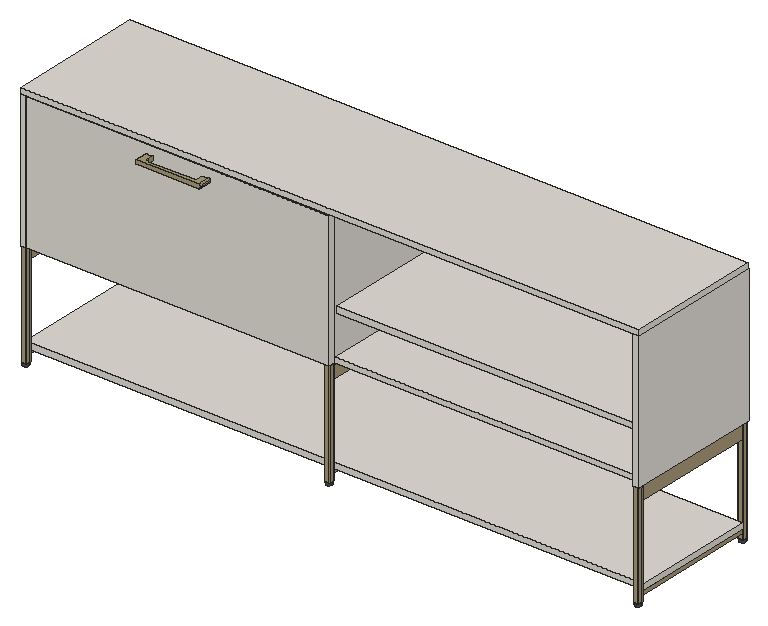
Revit family "Storage-Teknion-LWBHD-Byward_High_Cabinate_Casual_Drawer-R2022", category Furniture, Revit 2022
Family settings
  OmniClass Number = 23.40.20.00
  OmniClass Title = General Furniture and Specialties
  Work Plane-Based = No
  Always vertical = Yes
  Cut with Voids When Loaded = No
  Render Appearance Source = Family Geometry
  Shared = Yes
  Room Calculation Point = No
Parameters (values of type "Left Casual Drawer, Right Open")
  Width = 72.000"
  Warranty = "http://www.teknion.com/ca/papers/legal-canada"
  Unit Weight URL = "http://www.teknion.com/ca/tools/assets#&asset=bee6a381-b954-425e-8283-5a2de3a804f2,f828d448-4b62-4231-9e5f-9a8991c0ed77"
  URL = "www.teknion.com"
  To render please download texture images found here [instance] = "https://assets.teknion.com/web/5e81352c1dfdb467/revit-material-swatches/"
  Third Leg Visibility [instance] = yes
  Sustainability Data = "https://www.teknion.com/ca/tools/assets#&topic=216f99a5-57a0-44fc-b10a-9dee9b29ae4c&asset=444deb64-fe58-4b68-981e-f75e97781df7,b4ff2d81-9f2e-437d-9659-7cffb09c31cf"
  Series = "Byward"  # constant formula
  Shelf [instance] = if(Height = 29.000", 17.772", 17.188")  # 17.772"
  Right Rectangular Pull Handle [instance] = and(Right Casual Drawer, Rectangular Pull Handle)  # no
  Right Modern Straight (ADA) Handle [instance] = and(Right Casual Drawer, [Modern Straight (ADA) Handle])  # no
  Right Journal Pull Handle [instance] = and(Right Casual Drawer, Journal Pull Handle)  # no
  Right Center Support Visibility [instance] = yes
  Right Casual Drawer = no
  Right Byward Handle [instance] = and(Right Casual Drawer, Byward Pull Handle)  # no
  Rectangular Pull Handle [instance] = no
  Product Page URL = "https://www.teknion.com/ca/products/product-details?productLineId=87d0476f-8e7a-673b-a6c8-ff05004460c4"
  Product Line = "Byward"  # constant formula
  Product Documentation Link = "https://assets.teknion.com/m/d3f7903c0f9c31f/original/Byward-Reference-Guide.pdf"
  Part Number = "LWBHD"  # constant formula
  Modern Straight (ADA) Handle [instance] = yes
  Model = "LWBHDDO_______"
  Metal Leg & Handle Finish [instance] = Paint - Teknion - CQ - Accent - Soft Gold
  Manufacturer Phone = "416-661-3370"  # constant formula
  Manufacturer Fax = "416.661.4586"  # constant formula
  Manufacturer Contact Information = "http://www.teknion.com/ca/contactus"
  Manufacturer Address = "1150 Flint Road, Toronto, ON. M3J 2J5. Canada"  # constant formula
  Manufacturer = "Teknion"  # constant formula
  Left Rectangular Pull Handle [instance] = and(Left Casual Drawer, Rectangular Pull Handle)  # no
  Left Modern Straight (ADA) Handle [instance] = and(Left Casual Drawer, [Modern Straight (ADA) Handle])  # yes
  Left Journal Pull Handle [instance] = and(Left Casual Drawer, Journal Pull Handle)  # no
  Left Casual Drawer = yes
  Left Byward Pull Handle [instance] = and(Left Casual Drawer, Byward Pull Handle)  # no
  Journal Pull Handle [instance] = no
  How To Use Teknion Materials User Guide [instance] = "https://assets.teknion.com/m/205dd0a49fa58060/original/How-to-add-a-Material-Library-and-Texture-Images-to-your-Revit-project.pdf"
  Height = 29.000"
  Handle Center [instance] = Width / 4 + 0.344"  # 18.344"
  For Additional Finishes please visit [instance] = "https://assets.teknion.com/m/44a8009b046e5d47/original/Teknion_Materials_Library.zip"
  Divider DIM [instance] = if(and(Width = 72.000", Left Casual Drawer), 35.656", if(and(Width = 60.000", Left Casual Drawer), 29.656", Width / 2 + 0.344"))  # 35.656"
  Description = "Byward High Cabinet, Casual Drawer, Left Casual Drawer, Right Open"
  Depth = 16.000"
  Default Elevation = 0.000"
  Case Finish = Source Laminate - Teknion - XS - Storm White
  Byward Pull Handle Leather Finish [instance] = Leather-Teknion-N68-Natural
  Byward Pull Handle [instance] = no
  Available Width [instance] = "36, 48, 60 & 72\""  # constant formula
  Available Height [instance] = "27\" & 29\""  # constant formula
  Available Depth [instance] = "16\",18\" & 20\""  # constant formula
  Assembly Code = "E2020200"
  Actual Height [instance] = if(Height = 27.000", 27.250", 29.000")  # 29.000"
Reference planes (in)
  plane 1 "Center Front/Back": y = 0
  plane 2: z = 0
  plane 3 "Center Left/Right": x = -0.3435
  plane 4 "Left": x = -36.3435
  plane 5 "Right": x = 35.6565
  plane 6 "Back": y = 8
  plane 7 "Front": y = -8
  plane 8 "Top": z = 29
  plane 9: z = 27
  plane 10 "Right Divider": x = -0.6875
  plane 11: x = -17.9995
  plane 12: x = 17.3125
  plane 13 "F1": y = -7.61277
  plane 14 "B1": y = 7.61277
Forms (in)
  Sweep 1, solid, material "Source Laminate - Teknion - XS - Storm White" <- "Case Finish"
    path origin (0.5411, 0, 0) x (1, 0, 0) y (0, 0, 1)
      loop
        line (-0.8846, 29) -> (-0.8846, 28.312)
    profile origin (-0.3435, 0, 28.656) x (0, -1, 0) y (1, 0, 0)
      loop
        line (-8, -36) -> (8, -36) -> (8, 36) -> (-8, 36) -> (-8, -36)
  Sweep 2, solid, material "Source Laminate - Teknion - XS - Storm White" <- "Case Finish"
    path origin (82.53178, 0, 2.03477) x (1, 0, 0) y (0, 1, 0)
      loop
        line (-82.87528, 8) -> (-82.87528, -8)
    profile origin (-0.3435, 0, 2.03477) x (1, 0, 0) y (0, 0, 1)
      loop
        line (36, 10.46523) -> (36, 26.27723) -> (35.312, 26.27723) -> (35.312, 10.46523) -> (36, 10.46523)
      loop
        line (-35.312, 10.46523) -> (-35.312, 26.27723) -> (-36, 26.27723) -> (-36, 10.46523) -> (-35.312, 10.46523)
  Sweep 3, solid, material "Source Laminate - Teknion - XS - Storm White" <- "Case Finish"
    path origin (0, 0, 0) x (1, 0, 0) y (0, 0, 1)
      loop
        line (-0.3435, 2.1875) -> (-0.3435, 1.5)
    profile origin (-0.3435, 0, 1.84375) x (0, -1, 0) y (1, 0, 0)
      loop
        line (-7.233, -36) -> (7.233, -36) -> (7.233, 36) -> (-7.233, 36) -> (-7.233, -36)
  Sweep 4, solid, material "Source Laminate - Teknion - XS - Storm White" <- "Case Finish"
    path origin (-0.3435, 0, 0) x (0, 1, 0) y (0, 0, 1)
      loop
        line (8, 28.312) -> (8, 12.5)
    profile origin (-0.3435, 8, 20.406) x (1, 0, 0) y (0, 1, 0)
      loop
        line (-35.312, 0) -> (-35.312, -0.708) -> (35.312, -0.708) -> (35.312, 0) -> (-35.312, 0)
  Sweep 5, solid, material "Source Laminate - Teknion - XS - Storm White" <- "Case Finish"
    path origin (0, 0, 0) x (1, 0, 0) y (0, 0, 1)
      loop
        line (-0.6875, 13.188) -> (-0.6875, 28.312)
    profile origin (-0.6875, 0, 20.75) x (-1, 0, 0) y (0, -1, 0)
      loop
        line (0.343, 7.173) -> (-0.345, 7.173) -> (-0.345, -7.292) -> (0.343, -7.292) -> (0.343, 7.173)
  Sweep 6, solid, material "Paint - Teknion - CQ - Accent - Soft Gold" <- "Metal Leg & Handle Finish"
    path origin (0.17299, 27.13369, 0) x (1, 0, 0) y (0, 0, 1)
      loop
        line (-0.51649, 0.325) -> (-0.51649, 12.5)
    profile origin (-0.3435, 27.13369, 6.4125) x (-1, 0, 0) y (0, -1, 0)
      loop
        line (35.4676, 19.21169) -> (35.8454, 19.21169)
        arc (35.8454, 19.21169) -> (35.9328, 19.24789) -> (35.969, 19.33529) r 0.1236
        line (35.969, 19.33529) -> (35.969, 19.76909)
        arc (35.969, 19.76909) -> (35.9492, 19.81689) -> (35.9014, 19.83669) r 0.0676
        line (35.9014, 19.83669) -> (35.4116, 19.83669)
        arc (35.4116, 19.83669) -> (35.3638, 19.81689) -> (35.344, 19.76909) r 0.0676
        line (35.344, 19.76909) -> (35.344, 19.33529)
        arc (35.344, 19.33529) -> (35.3802, 19.24789) -> (35.4676, 19.21169) r 0.1236
      loop
        arc (-35.4372, 19.21169) -> (-35.3713, 19.23899) -> (-35.344, 19.30489) r 0.0932
        line (-35.344, 19.30489) -> (-35.344, 19.74989)
        arc (-35.344, 19.74989) -> (-35.36942, 19.81127) -> (-35.4308, 19.83669) r 0.0868
        line (-35.4308, 19.83669) -> (-35.8822, 19.83669)
        arc (-35.8822, 19.83669) -> (-35.94358, 19.81127) -> (-35.969, 19.74989) r 0.0868
        line (-35.969, 19.74989) -> (-35.969, 19.30489)
        arc (-35.969, 19.30489) -> (-35.9417, 19.23899) -> (-35.8758, 19.21169) r 0.0932
        line (-35.8758, 19.21169) -> (-35.4372, 19.21169)
      loop
        arc (35.4316, 35.06169) -> (35.36966, 35.03603) -> (35.344, 34.97409) r 0.0876
        line (35.344, 34.97409) -> (35.344, 34.52909)
        arc (35.344, 34.52909) -> (35.37106, 34.46375) -> (35.4364, 34.43669) r 0.0924
        line (35.4364, 34.43669) -> (35.8766, 34.43669)
        arc (35.8766, 34.43669) -> (35.94194, 34.46375) -> (35.969, 34.52909) r 0.0924
        line (35.969, 34.52909) -> (35.969, 34.97409)
        arc (35.969, 34.97409) -> (35.94334, 35.03603) -> (35.8814, 35.06169) r 0.0876
        line (35.8814, 35.06169) -> (35.4316, 35.06169)
      loop
        line (-35.4308, 35.06169) -> (-35.8822, 35.06169)
        arc (-35.8822, 35.06169) -> (-35.94358, 35.03627) -> (-35.969, 34.97489) r 0.0868
        line (-35.969, 34.97489) -> (-35.969, 34.52989)
        arc (-35.969, 34.52989) -> (-35.9417, 34.46399) -> (-35.8758, 34.43669) r 0.0932
        line (-35.8758, 34.43669) -> (-35.4372, 34.43669)
        arc (-35.4372, 34.43669) -> (-35.3713, 34.46399) -> (-35.344, 34.52989) r 0.0932
        line (-35.344, 34.52989) -> (-35.344, 34.97489)
        arc (-35.344, 34.97489) -> (-35.36942, 35.03627) -> (-35.4308, 35.06169) r 0.0868
  Sweep 7, solid, material "Paint - Teknion - CQ - Accent - Soft Gold" <- "Metal Leg & Handle Finish", visible <- "Third Leg Visibility"
    path origin (6.77496, 22.83271, 0) x (1, 0, 0) y (0, 0, 1)
      loop
        line (-7.46246, 12.5) -> (-7.46246, 0.325)
    profile origin (-0.6875, 22.83271, 6.4125) x (0, -1, 0) y (1, 0, 0)
      loop
        line (14.89671, 0.2225) -> (14.89671, -0.2225)
        arc (14.89671, -0.2225) -> (14.92307, -0.28614) -> (14.98671, -0.3125) r 0.09
        line (14.98671, -0.3125) -> (15.42051, -0.3125)
        arc (15.42051, -0.3125) -> (15.49207, -0.28286) -> (15.52171, -0.2113) r 0.1012
        line (15.52171, -0.2113) -> (15.52171, 0.2113)
        arc (15.52171, 0.2113) -> (15.49207, 0.28286) -> (15.42051, 0.3125) r 0.1012
        line (15.42051, 0.3125) -> (14.98671, 0.3125)
        arc (14.98671, 0.3125) -> (14.92307, 0.28614) -> (14.89671, 0.2225) r 0.09
      loop
        arc (30.74071, 0.2225) -> (30.71435, 0.28614) -> (30.65071, 0.3125) r 0.09
        line (30.65071, 0.3125) -> (30.20571, 0.3125)
        arc (30.20571, 0.3125) -> (30.14207, 0.28614) -> (30.11571, 0.2225) r 0.09
        line (30.11571, 0.2225) -> (30.11571, -0.2225)
        arc (30.11571, -0.2225) -> (30.14207, -0.28614) -> (30.20571, -0.3125) r 0.09
        line (30.20571, -0.3125) -> (30.65071, -0.3125)
        arc (30.65071, -0.3125) -> (30.71435, -0.28614) -> (30.74071, -0.2225) r 0.09
        line (30.74071, -0.2225) -> (30.74071, 0.2225)
  Sweep 8, solid, material "Paint - Teknion - CQ - Accent - Soft Gold" <- "Metal Leg & Handle Finish"
    path origin (21.53201, -1.62606, 0) x (1, 0, 0) y (0, 1, 0)
      loop
        line (-21.87551, 8.93856) -> (-21.87551, -5.65694)
    profile origin (-0.3435, 0.01475, 0) x (1, 0, 0) y (0, 0, 1)
      loop
        line (35.781, 10.75) -> (35.781, 12.26533)
        arc (35.781, 12.26533) -> (35.71227, 12.43127) -> (35.54633, 12.5) r 0.23467
        line (35.54633, 12.5) -> (33.281, 12.5) -> (33.281, 12.366) -> (35.54666, 12.366)
        arc (35.54666, 12.366) -> (35.61761, 12.33661) -> (35.647, 12.26566) r 0.10034
        line (35.647, 12.26566) -> (35.647, 10.75) -> (35.781, 10.75)
      loop
        line (35.781, 0.875) -> (35.781, 1.26553)
        arc (35.781, 1.26553) -> (35.71232, 1.43132) -> (35.54653, 1.5) r 0.23447
        line (35.54653, 1.5) -> (33.281, 1.5) -> (33.281, 1.366) -> (35.54644, 1.366)
        arc (35.54644, 1.366) -> (35.61755, 1.33655) -> (35.647, 1.26544) r 0.10056
        line (35.647, 1.26544) -> (35.647, 0.875) -> (35.781, 0.875)
      loop
        line (-35.781, 10.75) -> (-35.647, 10.75) -> (-35.647, 12.26566)
        arc (-35.647, 12.26566) -> (-35.61761, 12.33661) -> (-35.54666, 12.366) r 0.10034
        line (-35.54666, 12.366) -> (-33.281, 12.366) -> (-33.281, 12.5) -> (-35.54633, 12.5)
        arc (-35.54633, 12.5) -> (-35.71227, 12.43127) -> (-35.781, 12.26533) r 0.23467
        line (-35.781, 12.26533) -> (-35.781, 10.75)
      loop
        line (-35.781, 0.875) -> (-35.647, 0.875) -> (-35.647, 1.26544)
        arc (-35.647, 1.26544) -> (-35.61755, 1.33655) -> (-35.54644, 1.366) r 0.10056
        line (-35.54644, 1.366) -> (-33.281, 1.366) -> (-33.281, 1.5) -> (-35.54653, 1.5)
        arc (-35.54653, 1.5) -> (-35.71232, 1.43132) -> (-35.781, 1.26553) r 0.23447
        line (-35.781, 1.26553) -> (-35.781, 0.875)
  Sweep 9, solid, material "Source Laminate - Teknion - XS - Storm White" <- "Case Finish", visible <- "Right Casual Drawer"
    path origin (0, 0, 0) x (1, 0, 0) y (0, 0, 1)
      loop
        line (-0.3435, 18.46) -> (-0.3435, 17.772)
    profile origin (-0.3435, 0, 18.116) x (0, -1, 0) y (1, 0, 0)
      loop
        line (7.114, -35.292) -> (7.114, -0.02) -> (-7.233, -0.02) -> (-7.233, -35.292) -> (7.114, -35.292)
  Sweep 10, solid, material "Source Laminate - Teknion - XS - Storm White" <- "Case Finish", visible <- "Right Casual Drawer"
    path origin (0, 0, 0) x (1, 0, 0) y (0, 0, 1)
      loop
        line (0.3645, 23.189) -> (34.9485, 23.189)
    profile origin (17.6565, 0, 23.189) x (0, 0, 1) y (0, -1, 0)
      loop
        line (0, -7.292) -> (0, 3) -> (-0.688, 3) -> (-0.688, -7.292) -> (0, -7.292)
  Sweep 11, solid, material "Source Laminate - Teknion - XS - Storm White" <- "Case Finish", visible <- "Right Casual Drawer"
    path origin (0, 0, 0) x (1, 0, 0) y (0, 0, 1)
      loop
        line (1.318, 21.812) -> (1.318, 17.48129)
    profile origin (1.318, 0, 19.64665) x (0, -1, 0) y (1, 0, 0)
      loop
        line (-4.95, 32.677) -> (-4.95, 0) -> (7.113, 0) -> (7.113, 32.677) -> (-4.95, 32.677)
      loop
        line (-4.43, 0.52) -> (6.593, 0.52) -> (6.593, 32.157) -> (-4.43, 32.157) -> (-4.43, 0.52)
  Sweep 12, solid, material "Source Laminate - Teknion - XS - Storm White" <- "Case Finish", visible <- "Right Casual Drawer"
    path origin (0, 0, 0) x (1, 0, 0) y (0, 0, 1)
      loop
        line (1.838, 18.00129) -> (1.838, 17.48129)
    profile origin (1.838, 0, 17.74129) x (0, -1, 0) y (1, 0, 0)
      loop
        line (-4.43, 0) -> (6.593, 0) -> (6.593, 31.637) -> (-4.43, 31.637) -> (-4.43, 0)
  Sweep 13, solid, material "Source Laminate - Teknion - XS - Storm White" <- "Case Finish", visible <- "Right Casual Drawer"
    path origin (0, 0, 0) x (1, 0, 0) y (0, 0, 1)
      loop
        line (-0.2845, 28.253) -> (-0.2845, 12.559)
    profile origin (-0.2845, 0, 20.406) x (0, -1, 0) y (1, 0, 0)
      loop
        line (8, 35.194) -> (7.312, 35.194) -> (7.312, 0) -> (8, 0) -> (8, 35.194)
  Sweep 14, solid, material "Paint - Teknion - CQ - Accent - Soft Gold" <- "Metal Leg & Handle Finish", visible <- "Right Casual Drawer"
    path origin (-0.0225, 0, 0) x (1, 0, 0) y (0, 1, 0)
      loop
        line (-0.665, 7.311) -> (-0.665, -7.283)
    profile origin (-0.6875, 0.014, 0) x (1, 0, 0) y (0, 0, 1)
      loop
        line (0.563, 10.75) -> (0.697, 10.75) -> (0.697, 12.232)
        arc (0.697, 12.232) -> (0.73625, 12.32675) -> (0.831, 12.366) r 0.134
        line (0.831, 12.366) -> (3.063, 12.366) -> (3.063, 12.5) -> (0.831, 12.5)
        arc (0.831, 12.5) -> (0.6415, 12.4215) -> (0.563, 12.232) r 0.268
        line (0.563, 12.232) -> (0.563, 10.75)
      loop
        line (0.586, 0.875) -> (0.72, 0.875) -> (0.72, 1.232)
        arc (0.72, 1.232) -> (0.75925, 1.32675) -> (0.854, 1.366) r 0.134
        line (0.854, 1.366) -> (3.086, 1.366) -> (3.086, 1.5) -> (0.854, 1.5)
        arc (0.854, 1.5) -> (0.6645, 1.4215) -> (0.586, 1.232) r 0.268
        line (0.586, 1.232) -> (0.586, 0.875)
  Sweep 15, solid, material "Source Laminate - Teknion - XS - Storm White" <- "Case Finish", visible <- "Left Casual Drawer"
    path origin (-36, 0, 0) x (1, 0, 0) y (0, 0, 1)
      loop
        line (0.3645, 23.189) -> (34.9485, 23.189)
    profile origin (-18.3435, 0, 23.189) x (0, 0, 1) y (0, -1, 0)
      loop
        line (0, -7.292) -> (0, 3) -> (-0.688, 3) -> (-0.688, -7.292) -> (0, -7.292)
  Sweep 16, solid, material "Source Laminate - Teknion - XS - Storm White" <- "Case Finish", visible <- "Left Casual Drawer"
    path origin (-36, 0, 0) x (1, 0, 0) y (0, 0, 1)
      loop
        line (1.318, 21.812) -> (1.318, 17.48129)
    profile origin (-34.682, 0, 19.64665) x (0, -1, 0) y (1, 0, 0)
      loop
        line (-4.95, 32.677) -> (-4.95, 0) -> (7.113, 0) -> (7.113, 32.677) -> (-4.95, 32.677)
      loop
        line (-4.43, 0.52) -> (6.593, 0.52) -> (6.593, 32.157) -> (-4.43, 32.157) -> (-4.43, 0.52)
  Sweep 17, solid, material "Source Laminate - Teknion - XS - Storm White" <- "Case Finish", visible <- "Left Casual Drawer"
    path origin (-36, 0, 0) x (1, 0, 0) y (0, 0, 1)
      loop
        line (1.838, 18.00129) -> (1.838, 17.48129)
    profile origin (-34.162, 0, 17.74129) x (0, -1, 0) y (1, 0, 0)
      loop
        line (-4.43, 0) -> (6.593, 0) -> (6.593, 31.637) -> (-4.43, 31.637) -> (-4.43, 0)
  Sweep 18, solid, material "Source Laminate - Teknion - XS - Storm White" <- "Case Finish", visible <- "Left Casual Drawer"
    path origin (-0.687, 0, 0) x (-1, 0, 0) y (0, 0, -1)
      loop
        line (-0.2845, -28.253) -> (-0.2845, -12.559)
    profile origin (-0.4025, 0, 20.406) x (0, -1, 0) y (1, 0, 0)
      loop
        line (8, -35.194) -> (8, 0) -> (7.312, 0) -> (7.312, -35.194) -> (8, -35.194)
  Sweep 19, solid, material "Source Laminate - Teknion - XS - Storm White" <- "Case Finish", visible <- "Left Casual Drawer"
    path origin (35.312, 0, 0) x (1, 0, 0) y (0, 0, 1)
      loop
        line (-0.3435, 18.46) -> (-0.3435, 17.772)
    profile origin (34.9685, 0, 18.116) x (0, -1, 0) y (1, 0, 0)
      loop
        line (7.114, -35.292) -> (7.114, -0.02) -> (-7.233, -0.02) -> (-7.233, -35.292) -> (7.114, -35.292)
  Sweep 20, solid, material "Paint - Teknion - CQ - Accent - Soft Gold" <- "Metal Leg & Handle Finish", visible <- "Left Casual Drawer"
    path origin (-2.4485, 0, 0) x (1, 0, 0) y (0, 1, 0)
      loop
        line (1.752, 7.3125) -> (1.752, -7.283)
    profile origin (-0.6965, 0.01475, 0) x (1, 0, 0) y (0, 0, 1)
      loop
        line (0.134, 10.75) -> (0.134, 12.232)
        arc (0.134, 12.232) -> (0.0555, 12.4215) -> (-0.134, 12.5) r 0.268
        line (-0.134, 12.5) -> (-2.366, 12.5) -> (-2.366, 12.366) -> (-0.134, 12.366)
        arc (-0.134, 12.366) -> (-0.03925, 12.32675) -> (0, 12.232) r 0.134
        line (0, 12.232) -> (0, 10.75) -> (0.134, 10.75)
      loop
        line (0.134, 0.875) -> (0.134, 1.232)
        arc (0.134, 1.232) -> (0.0555, 1.4215) -> (-0.134, 1.5) r 0.268
        line (-0.134, 1.5) -> (-2.366, 1.5) -> (-2.366, 1.366) -> (-0.134, 1.366)
        arc (-0.134, 1.366) -> (-0.03925, 1.32675) -> (0, 1.232) r 0.134
        line (0, 1.232) -> (0, 0.875) -> (0.134, 0.875)
  Sweep 21, void
    path origin (-2.4485, -2.87177, 0) x (1, 0, 0) y (0, 0, 1)
      loop
        line (0, 13.1875) -> (0, 0.6875)
    profile origin (-2.4485, -2.87177, 6.9375) x (0, -1, 0) y (1, 0, 0)
      loop
        line (-10.24823, -0.67208) -> (-9.25201, -0.67208) -> (-10.24823, 1.66453) -> (-10.24823, -0.67208)
      loop
        line (3.48389, -0.67208) -> (4.41123, -0.67208) -> (4.41123, 1.85111) -> (3.48389, -0.67208)
      loop
        line (-10.24823, 35.386) -> (-9.25201, 35.386) -> (-10.24823, 37.72261) -> (-10.24823, 35.386)
      loop
        line (3.48389, 35.386) -> (4.41123, 35.386) -> (4.41123, 37.90919) -> (3.48389, 35.386)
      loop
        line (-10.24823, -31.176) -> (-10.24823, -33.51261) -> (-9.25201, -31.176) -> (-10.24823, -31.176)
      loop
        line (3.48389, -31.176) -> (4.41123, -33.69919) -> (4.41123, -31.176) -> (3.48389, -31.176)
      loop
        line (3.48389, 4.88224) -> (4.41123, 2.35905) -> (4.41123, 4.88224) -> (3.48389, 4.88224)
      loop
        line (-10.24823, 4.88205) -> (-10.24823, 2.54544) -> (-9.25201, 4.88205) -> (-10.24823, 4.88205)
  Sweep 22, solid, material "Source Laminate - Teknion - XS - Storm White" <- "Case Finish"
    path origin (0, 0, 0) x (1, 0, 0) y (0, 0, 1)
      loop
        line (-0.3435, 13.188) -> (-0.3435, 12.5005)
    profile origin (-0.3435, 0, 12.84425) x (0, -1, 0) y (1, 0, 0)
      loop
        line (7.173, 35.312) -> (-7.292, 35.312) -> (-7.292, -35.312) -> (7.173, -35.312) -> (7.173, 35.312)
  Sweep 23, solid, material "Paint - Teknion - CQ - Accent - Soft Gold" <- "Metal Leg & Handle Finish", visible <- "Left Journal Pull Handle"
    path origin (0, 0, 0) x (1, 0, 0) y (0, 0, 1)
      loop
        line (-17.9995, 28.09298) -> (-17.9995, 28.26497)
    profile origin (-17.9995, 0, 28.17897) x (-1, 0, 0) y (0, -1, 0)
      loop
        line (4.5, 8) -> (4.5, 8.36226)
        spline (4.5, 8.36226) -> (4.49726, 8.404) -> (4.48911, 8.44502) -> (4.47566, 8.48463) -> (4.45717, 8.52214) -> (4.43393, 8.55692) -> (4.40635, 8.58836) -> (4.37491, 8.61594) -> (4.34014, 8.63918) -> (4.30263, 8.65768) -> (4.26303, 8.67112) -> (4.22201, 8.67928) -> (4.18028, 8.68202)
        line (4.18028, 8.68202) -> (-4.18028, 8.68202)
        spline (-4.18028, 8.68202) -> (-4.22201, 8.67928) -> (-4.26303, 8.67112) -> (-4.30263, 8.65768) -> (-4.34014, 8.63919) -> (-4.37491, 8.61596) -> (-4.40635, 8.58839) -> (-4.43393, 8.55695) -> (-4.45717, 8.52218) -> (-4.47566, 8.48468) -> (-4.48911, 8.44508) -> (-4.49726, 8.40407) -> (-4.5, 8.36234)
        line (-4.5, 8.36234) -> (-4.5, 8) -> (4.5, 8)
  Sweep 24, solid, material "Paint - Teknion - CQ - Accent - Soft Gold" <- "Metal Leg & Handle Finish", visible <- "Right Journal Pull Handle"
    path origin (0, 0, 0) x (1, 0, 0) y (0, 0, 1)
      loop
        line (17.3125, 28.26497) -> (17.3125, 28.09298)
    profile origin (17.3125, 0, 28.17897) x (0, -1, 0) y (1, 0, 0)
      loop
        line (8.68202, -4.16513) -> (8.68202, 4.19542)
        spline (8.68202, 4.19542) -> (8.67928, 4.23715) -> (8.67112, 4.27817) -> (8.65768, 4.31777) -> (8.63919, 4.35528) -> (8.61596, 4.39006) -> (8.58839, 4.4215) -> (8.55695, 4.44908) -> (8.52218, 4.47231) -> (8.48468, 4.49081) -> (8.44508, 4.50425) -> (8.40407, 4.51241) -> (8.36234, 4.51515)
        line (8.36234, 4.51515) -> (8, 4.51515) -> (8, -4.48485) -> (8.36226, -4.48485)
        spline (8.36226, -4.48485) -> (8.40399, -4.48213) -> (8.44501, -4.47398) -> (8.48462, -4.46054) -> (8.52213, -4.44205) -> (8.55691, -4.41881) -> (8.58836, -4.39124) -> (8.61594, -4.35979) -> (8.63917, -4.32502) -> (8.65768, -4.2875) -> (8.67112, -4.24789) -> (8.67928, -4.20687) -> (8.68202, -4.16513)
  Revolve 25, solid, material "Paint - Teknion - Foundation - Ebony"
    sketch origin (0, -7.61277, 0) x (1, 0, 0) y (0, 0, 1)
      loop
        line (-35.86982, 0.325) -> (-35.99805, 0.325) -> (-35.99805, 0) -> (-35.66005, 0) -> (-35.62005, 0.25) -> (-35.86982, 0.25) -> (-35.86982, 0.325)
      axis (-35.99805, 0.325) -> (-35.99805, 0)
    angle from 0 to 360
  Revolve 26, solid, material "Paint - Teknion - Foundation - Ebony"
    sketch origin (0, -7.61277, 0) x (1, 0, 0) y (0, 0, 1)
      loop
        line (35.18282, 0.325) -> (35.18282, 0.25) -> (34.93305, 0.25) -> (34.97305, 0) -> (35.31105, 0) -> (35.31105, 0.325) -> (35.18282, 0.325)
      axis (35.31105, 0.325) -> (35.31105, 0)
    angle from 0 to 360
  Revolve 27, solid, material "Paint - Teknion - Foundation - Ebony"
    sketch origin (0, 7.61277, 0) x (1, 0, 0) y (0, 0, 1)
      loop
        line (35.18282, 0.325) -> (35.18282, 0.25) -> (34.93305, 0.25) -> (34.97305, 0) -> (35.31105, 0) -> (35.31105, 0.325) -> (35.18282, 0.325)
      axis (35.31105, 0.325) -> (35.31105, 0)
    angle from 0 to 360
  Revolve 28, solid, material "Paint - Teknion - Foundation - Ebony"
    sketch origin (0, 7.61277, 0) x (1, 0, 0) y (0, 0, 1)
      loop
        line (-35.86982, 0.325) -> (-35.99805, 0.325) -> (-35.99805, 0) -> (-35.66005, 0) -> (-35.62005, 0.25) -> (-35.86982, 0.25) -> (-35.86982, 0.325)
      axis (-35.99805, 0.325) -> (-35.99805, 0)
    angle from 0 to 360
  Revolve 29, solid, material "Paint - Teknion - Foundation - Ebony", visible <- "Third Leg Visibility"
    sketch origin (-35.99855, -7.61277, 0) x (1, 0, 0) y (0, 0, 1)
      loop
        line (35.18282, 0.325) -> (35.18282, 0.25) -> (34.93305, 0.25) -> (34.97305, 0) -> (35.31105, 0) -> (35.31105, 0.325) -> (35.18282, 0.325)
      axis (35.31105, 0.325) -> (35.31105, 0)
    angle from 0 to 360
  Revolve 30, solid, material "Paint - Teknion - Foundation - Ebony", visible <- "Third Leg Visibility"
    sketch origin (-35.99855, 7.61277, 0) x (1, 0, 0) y (0, 0, 1)
      loop
        line (35.18282, 0.325) -> (35.18282, 0.25) -> (34.93305, 0.25) -> (34.97305, 0) -> (35.31105, 0) -> (35.31105, 0.325) -> (35.18282, 0.325)
      axis (35.31105, 0.325) -> (35.31105, 0)
    angle from 0 to 360
Cuts and joins
  Sweep 21 cuts Sweep 5
  Sweep 21 cuts Sweep 14
  Sweep 21 cuts Sweep 20
  Sweep 21 cuts Sweep 8
Lines and regions (in)
  Masking region 1
    outline origin (0, 0, 0) x (1, 0, 0) y (0, 1, 0)
      loop
        line (-36.3435, 8) -> (-36.3435, -8) -> (35.6565, -8) -> (35.6565, 8) -> (-36.3435, 8)
  Masking region 2, visible <- "Left Journal Pull Handle"
    outline origin (0, 0, 0) x (1, 0, 0) y (0, 1, 0)
      loop
        line (-13.4995, -8.36234) -> (-13.4995, -8) -> (-22.4995, -8) -> (-22.4995, -8.36226)
        spline (-22.4995, -8.36226) -> (-22.49676, -8.404) -> (-22.48861, -8.44502) -> (-22.47516, -8.48463) -> (-22.45667, -8.52214) -> (-22.43343, -8.55692) -> (-22.40585, -8.58836) -> (-22.37441, -8.61594) -> (-22.33964, -8.63918) -> (-22.30213, -8.65768) -> (-22.26253, -8.67112) -> (-22.22151, -8.67928) -> (-22.17978, -8.68202)
        line (-22.17978, -8.68202) -> (-13.81922, -8.68202)
        spline (-13.81922, -8.68202) -> (-13.77749, -8.67928) -> (-13.73647, -8.67112) -> (-13.69687, -8.65768) -> (-13.65936, -8.63919) -> (-13.62459, -8.61596) -> (-13.59315, -8.58839) -> (-13.56557, -8.55695) -> (-13.54233, -8.52218) -> (-13.52384, -8.48468) -> (-13.51039, -8.44508) -> (-13.50224, -8.40407) -> (-13.4995, -8.36234)
  Masking region 3, visible <- "Right Journal Pull Handle"
    outline origin (0, 0, 0) x (1, 0, 0) y (0, 1, 0)
      loop
        line (12.82765, -8) -> (12.82765, -8.36226)
        spline (12.82765, -8.36226) -> (12.83037, -8.40399) -> (12.83852, -8.44501) -> (12.85196, -8.48462) -> (12.87045, -8.52213) -> (12.89369, -8.55691) -> (12.92126, -8.58836) -> (12.95271, -8.61594) -> (12.98748, -8.63917) -> (13.025, -8.65768) -> (13.06461, -8.67112) -> (13.10563, -8.67928) -> (13.14737, -8.68202)
        line (13.14737, -8.68202) -> (21.50792, -8.68202)
        spline (21.50792, -8.68202) -> (21.54965, -8.67928) -> (21.59067, -8.67112) -> (21.63027, -8.65768) -> (21.66778, -8.63919) -> (21.70256, -8.61596) -> (21.734, -8.58839) -> (21.76158, -8.55695) -> (21.78481, -8.52218) -> (21.80331, -8.48468) -> (21.81675, -8.44508) -> (21.82491, -8.40407) -> (21.82765, -8.36234)
        line (21.82765, -8.36234) -> (21.82765, -8) -> (12.82765, -8)
  symbolic lines, style "FurnitureHiddenLines", detail levels medium+fine
    curve 1: line (-35.6555, -8, 0) -> (-35.6555, 8, 0)
    curve 2: line (-35.6555, 8, 0) -> (-36.3435, 8, 0)
    curve 3: line (-36.3435, 8, 0) -> (-36.3435, -8, 0)
    curve 4: line (-36.3435, -8, 0) -> (-35.6555, -8, 0)
    curve 5: line (35.6565, -8, 0) -> (35.6565, 8, 0)
    curve 6: line (35.6565, 8, 0) -> (34.9685, 8, 0)
    curve 7: line (34.9685, 8, 0) -> (34.9685, -8, 0)
    curve 8: line (34.9685, -8, 0) -> (35.6565, -8, 0)
    curve 9: line (-1.0305, 7.292, 0) -> (-1.0305, -7.173, 0)
    curve 10: line (-1.0305, -7.173, 0) -> (-0.3425, -7.173, 0)
    curve 11: line (-0.3425, -7.173, 0) -> (-0.3425, 7.292, 0)
    curve 12: line (-0.3425, 7.292, 0) -> (-1.0305, 7.292, 0)
    curve 13: line (-35.5965, -7.312, 0) -> (-35.5965, -8, 0)
    curve 14: line (-35.5965, -8, 0) -> (-0.4025, -8, 0)
    curve 15: line (-0.4025, -8, 0) -> (-0.4025, -7.312, 0)
    curve 16: line (-0.4025, -7.312, 0) -> (-35.5965, -7.312, 0)
    curve 17: line (-0.2845, -7.312, 0) -> (-0.2845, -8, 0)
    curve 18: line (-0.2845, -8, 0) -> (34.9095, -8, 0)
    curve 19: line (34.9095, -8, 0) -> (34.9095, -7.312, 0)
    curve 20: line (34.9095, -7.312, 0) -> (-0.2845, -7.312, 0)
    curve 21: line (-35.6555, 7.292, 0) -> (34.9685, 7.292, 0)
    curve 22: line (34.9685, 7.292, 0) -> (34.9685, 8, 0)
    curve 23: line (34.9685, 8, 0) -> (-35.6555, 8, 0)
    curve 24: line (-35.6555, 8, 0) -> (-35.6555, 7.292, 0)
    curve 57: line (-35.6555, -7.173, 0) -> (34.9685, -7.173, 0)
    curve 58: line (34.9685, -7.173, 0) -> (34.9685, 7.292, 0)
    curve 59: line (34.9685, 7.292, 0) -> (-35.6555, 7.292, 0)
    curve 60: line (-35.6555, 7.292, 0) -> (-35.6555, -7.173, 0)
    curve 61: line (-36.3435, -7.233, 0) -> (35.6565, -7.233, 0)
    curve 62: line (35.6565, -7.233, 0) -> (35.6565, 7.233, 0)
    curve 63: line (35.6565, 7.233, 0) -> (-36.3435, 7.233, 0)
    curve 64: line (-36.3435, 7.233, 0) -> (-36.3435, -7.233, 0)
    curve 65: line (-35.8111, 7.3125, 0) -> (-33.6245, 6.38024, 0)
    curve 66: line (-33.6245, -6.35565, 0) -> (-33.6245, 6.38024, 0)
    curve 67: line (-33.6245, -6.35565, 0) -> (-36.1245, -7.27448, 0)
    curve 68: line (-36.1245, 7.3125, 0) -> (-36.1245, -7.27448, 0)
    curve 69: line (-36.1245, 7.3125, 0) -> (-35.8111, 7.3125, 0)
    curve 70: line (32.9375, 6.38024, 0) -> (32.9375, -6.35565, 0)
    curve 71: line (32.9375, 6.38024, 0) -> (35.1241, 7.3125, 0)
    curve 72: line (35.4375, -7.27448, 0) -> (35.4375, 7.3125, 0)
    curve 73: line (35.4375, -7.27448, 0) -> (32.9375, -6.35565, 0)
    curve 74: line (35.1241, 7.3125, 0) -> (35.4375, 7.3125, 0)
    curve 84: line (-35.8111, 7.922, 0) -> (-36.1889, 7.922, 0)
    curve 85: arc (-36.1889, 7.922, 0) -> (-36.2763, 7.8858, 0) -> (-36.3125, 7.7984, 0) r 0.1236
    curve 86: line (-36.3125, 7.7984, 0) -> (-36.3125, 7.3646, 0)
    curve 87: arc (-36.3125, 7.3646, 0) -> (-36.2927, 7.3168, 0) -> (-36.2449, 7.297, 0) r 0.0676
    curve 88: line (-36.2449, 7.297, 0) -> (-35.7551, 7.297, 0)
    curve 89: arc (-35.7551, 7.297, 0) -> (-35.7073, 7.3168, 0) -> (-35.6875, 7.3646, 0) r 0.0676
    curve 90: line (-35.6875, 7.3646, 0) -> (-35.6875, 7.7984, 0)
    curve 91: arc (-35.6875, 7.7984, 0) -> (-35.7237, 7.8858, 0) -> (-35.8111, 7.922, 0) r 0.1236
    curve 92: line (-35.7799, -7.303, 0) -> (-36.2201, -7.303, 0)
    curve 93: arc (-36.2201, -7.303, 0) -> (-36.28544, -7.33006, 0) -> (-36.3125, -7.3954, 0) r 0.0924
    curve 94: line (-36.3125, -7.3954, 0) -> (-36.3125, -7.8404, 0)
    curve 95: arc (-36.3125, -7.8404, 0) -> (-36.28684, -7.90234, 0) -> (-36.2249, -7.928, 0) r 0.0876
    curve 96: line (-36.2249, -7.928, 0) -> (-35.7751, -7.928, 0)
    curve 97: arc (-35.7751, -7.928, 0) -> (-35.71316, -7.90234, 0) -> (-35.6875, -7.8404, 0) r 0.0876
    curve 98: line (-35.6875, -7.8404, 0) -> (-35.6875, -7.3954, 0)
    curve 99: arc (-35.6875, -7.3954, 0) -> (-35.71456, -7.33006, 0) -> (-35.7799, -7.303, 0) r 0.0924
    curve 100: line (35.5323, -7.303, 0) -> (35.0937, -7.303, 0)
    curve 101: arc (35.0937, -7.303, 0) -> (35.0278, -7.3303, 0) -> (35.0005, -7.3962, 0) r 0.0932
    curve 102: line (35.0005, -7.3962, 0) -> (35.0005, -7.8412, 0)
    curve 103: arc (35.0005, -7.8412, 0) -> (35.02592, -7.90258, 0) -> (35.0873, -7.928, 0) r 0.0868
    curve 104: line (35.0873, -7.928, 0) -> (35.5387, -7.928, 0)
    curve 105: arc (35.5387, -7.928, 0) -> (35.60008, -7.90258, 0) -> (35.6255, -7.8412, 0) r 0.0868
    curve 106: line (35.6255, -7.8412, 0) -> (35.6255, -7.3962, 0)
    curve 107: arc (35.6255, -7.3962, 0) -> (35.5982, -7.3303, 0) -> (35.5323, -7.303, 0) r 0.0932
    curve 108: line (35.5323, 7.922, 0) -> (35.0937, 7.922, 0)
    curve 109: arc (35.0937, 7.922, 0) -> (35.0278, 7.8947, 0) -> (35.0005, 7.8288, 0) r 0.0932
    curve 110: line (35.0005, 7.8288, 0) -> (35.0005, 7.3838, 0)
    curve 111: arc (35.0005, 7.3838, 0) -> (35.02592, 7.32242, 0) -> (35.0873, 7.297, 0) r 0.0868
    curve 112: line (35.0873, 7.297, 0) -> (35.5387, 7.297, 0)
    curve 113: arc (35.5387, 7.297, 0) -> (35.60008, 7.32242, 0) -> (35.6255, 7.3838, 0) r 0.0868
    curve 114: line (35.6255, 7.3838, 0) -> (35.6255, 7.8288, 0)
    curve 115: arc (35.6255, 7.8288, 0) -> (35.5982, 7.8947, 0) -> (35.5323, 7.922, 0) r 0.0932
  symbolic lines, style "FurnitureHiddenLines", visible <- "Left Casual Drawer", detail levels medium+fine
    curve 25: line (-35.6355, 7.292, 0) -> (-35.6355, -3, 0)
    curve 26: line (-35.6355, -3, 0) -> (-1.0515, -3, 0)
    curve 27: line (-1.0515, -3, 0) -> (-1.0515, 7.292, 0)
    curve 28: line (-1.0515, 7.292, 0) -> (-35.6355, 7.292, 0)
    curve 29: line (-34.682, 4.95, 0) -> (-34.682, -7.113, 0)
    curve 30: line (-34.682, -7.113, 0) -> (-2.005, -7.113, 0)
    curve 31: line (-2.005, -7.113, 0) -> (-2.005, 4.95, 0)
    curve 32: line (-2.005, 4.95, 0) -> (-34.682, 4.95, 0)
    curve 33: line (-34.162, -6.593, 0) -> (-34.162, 4.43, 0)
    curve 34: line (-34.162, 4.43, 0) -> (-2.525, 4.43, 0)
    curve 35: line (-2.525, 4.43, 0) -> (-2.525, -6.593, 0)
    curve 36: line (-2.525, -6.593, 0) -> (-34.162, -6.593, 0)
    curve 49: line (34.9485, 7.233, 0) -> (-0.3235, 7.233, 0)
    curve 50: line (-0.3235, 7.233, 0) -> (-0.3235, -7.114, 0)
    curve 51: line (-0.3235, -7.114, 0) -> (34.9485, -7.114, 0)
    curve 52: line (34.9485, -7.114, 0) -> (34.9485, 7.233, 0)
    curve 75: line (-3.0625, 6.405, 0) -> (-3.0625, -6.377, 0)
    curve 76: line (-3.0625, 6.405, 0) -> (-0.93398, 7.3125, 0)
    curve 77: line (-0.93398, 7.3125, 0) -> (-0.5625, 7.3125, 0)
    curve 78: line (-0.5625, -7.283, 0) -> (-0.5625, 7.3125, 0)
    curve 79: line (-0.59739, -7.283, 0) -> (-3.0625, -6.377, 0)
  symbolic lines, style "FurnitureHiddenLines", visible <- "Right Casual Drawer", detail levels medium+fine
    curve 37: line (0.3645, -3, 0) -> (34.9485, -3, 0)
    curve 38: line (34.9485, -3, 0) -> (34.9485, 7.292, 0)
    curve 39: line (34.9485, 7.292, 0) -> (0.3645, 7.292, 0)
    curve 40: line (0.3645, 7.292, 0) -> (0.3645, -3, 0)
    curve 41: line (33.995, 4.95, 0) -> (1.318, 4.95, 0)
    curve 42: line (1.318, 4.95, 0) -> (1.318, -7.113, 0)
    curve 43: line (1.318, -7.113, 0) -> (33.995, -7.113, 0)
    curve 44: line (33.995, -7.113, 0) -> (33.995, 4.95, 0)
    curve 45: line (1.838, 4.43, 0) -> (33.475, 4.43, 0)
    curve 46: line (33.475, 4.43, 0) -> (33.475, -6.593, 0)
    curve 47: line (33.475, -6.593, 0) -> (1.838, -6.593, 0)
    curve 48: line (1.838, -6.593, 0) -> (1.838, 4.43, 0)
    curve 53: line (-0.3635, 7.233, 0) -> (-35.6355, 7.233, 0)
    curve 54: line (-35.6355, 7.233, 0) -> (-35.6355, -7.114, 0)
    curve 55: line (-35.6355, -7.114, 0) -> (-0.3635, -7.114, 0)
    curve 56: line (-0.3635, -7.114, 0) -> (-0.3635, 7.233, 0)
    curve 80: line (2.3985, -6.3686, 0) -> (2.3985, 6.39518, 0)
    curve 81: line (0.25047, 7.311, 0) -> (2.3985, 6.39518, 0)
    curve 82: line (2.3985, -6.3686, 0) -> (-0.08945, -7.283, 0)
    curve 83: line (-0.1245, 7.311, 0) -> (-0.1245, -7.283, 0)
  symbolic lines, style "FurnitureHiddenLines", visible <- "Third Leg Visibility", detail levels medium+fine
    curve 116: line (-0.465, 7.936, 0) -> (-0.91, 7.936, 0)
    curve 117: arc (-0.91, 7.936, 0) -> (-0.97364, 7.90964, 0) -> (-1, 7.846, 0) r 0.09
    curve 118: line (-1, 7.846, 0) -> (-1, 7.4122, 0)
    curve 119: arc (-1, 7.4122, 0) -> (-0.97036, 7.34064, 0) -> (-0.8988, 7.311, 0) r 0.1012
    curve 120: line (-0.8988, 7.311, 0) -> (-0.4762, 7.311, 0)
    curve 121: arc (-0.4762, 7.311, 0) -> (-0.40464, 7.34064, 0) -> (-0.375, 7.4122, 0) r 0.1012
    curve 122: line (-0.375, 7.4122, 0) -> (-0.375, 7.846, 0)
    curve 123: arc (-0.375, 7.846, 0) -> (-0.40136, 7.90964, 0) -> (-0.465, 7.936, 0) r 0.09
    curve 124: line (-1, -7.373, 0) -> (-1, -7.818, 0)
    curve 125: arc (-1, -7.818, 0) -> (-0.97364, -7.88164, 0) -> (-0.91, -7.908, 0) r 0.09
    curve 126: line (-0.91, -7.908, 0) -> (-0.465, -7.908, 0)
    curve 127: arc (-0.465, -7.908, 0) -> (-0.40136, -7.88164, 0) -> (-0.375, -7.818, 0) r 0.09
    curve 128: line (-0.375, -7.818, 0) -> (-0.375, -7.373, 0)
    curve 129: arc (-0.375, -7.373, 0) -> (-0.40136, -7.30936, 0) -> (-0.465, -7.283, 0) r 0.09
    curve 130: arc (-0.91, -7.283, 0) -> (-0.97364, -7.30936, 0) -> (-1, -7.373, 0) r 0.09
  symbolic lines, style "FurnitureHiddenLines", detail levels fine
    curve 131: arc (-36.37605, 7.61277, 0) -> (-35.99805, 7.99077, 0) -> (-35.62005, 7.61277, 0) r 0.378
    curve 132: arc (-35.66005, 7.61277, 0) -> (-35.99805, 7.95077, 0) -> (-36.33605, 7.61277, 0) r 0.338
    curve 133: arc (-35.62005, 7.61277, 0) -> (-35.99805, 7.23477, 0) -> (-36.37605, 7.61277, 0) r 0.378
    curve 134: arc (-36.33605, 7.61277, 0) -> (-35.99805, 7.27477, 0) -> (-35.66005, 7.61277, 0) r 0.338
    curve 135: line (-0.59739, -7.283, 0) -> (-0.5625, -7.283, 0)
    curve 148: arc (-36.33605, -7.61277, 0) -> (-35.99805, -7.27477, 0) -> (-35.66005, -7.61277, 0) r 0.338
    curve 149: arc (-35.86982, -7.61277, 0) -> (-35.99805, -7.48453, 0) -> (-36.12628, -7.61277, 0) r 0.12823
    curve 150: arc (-36.37605, -7.61277, 0) -> (-35.99805, -7.23477, 0) -> (-35.62005, -7.61277, 0) r 0.378
    curve 151: arc (-35.66005, -7.61277, 0) -> (-35.99805, -7.95077, 0) -> (-36.33605, -7.61277, 0) r 0.338
    curve 152: arc (-35.62005, -7.61277, 0) -> (-35.99805, -7.99077, 0) -> (-36.37605, -7.61277, 0) r 0.378
    curve 153: arc (-36.12628, 7.61277, 0) -> (-35.99805, 7.741, 0) -> (-35.86982, 7.61277, 0) r 0.12823
    curve 154: arc (-35.86982, 7.61277, 0) -> (-35.99805, 7.48453, 0) -> (-36.12628, 7.61277, 0) r 0.12823
    curve 155: arc (34.93305, 7.61277, 0) -> (35.31105, 7.99077, 0) -> (35.68905, 7.61277, 0) r 0.378
    curve 156: arc (34.97305, 7.61277, 0) -> (35.31105, 7.95077, 0) -> (35.64905, 7.61277, 0) r 0.338
    curve 157: arc (35.43928, 7.61277, 0) -> (35.31105, 7.741, 0) -> (35.18282, 7.61277, 0) r 0.12823
    curve 158: arc (35.18282, 7.61277, 0) -> (35.31105, 7.48453, 0) -> (35.43928, 7.61277, 0) r 0.12823
    curve 159: arc (35.64905, 7.61277, 0) -> (35.31105, 7.27477, 0) -> (34.97305, 7.61277, 0) r 0.338
    curve 160: arc (35.68905, 7.61277, 0) -> (35.31105, 7.23477, 0) -> (34.93305, 7.61277, 0) r 0.378
    curve 161: arc (35.43928, -7.61277, 0) -> (35.31105, -7.741, 0) -> (35.18282, -7.61277, 0) r 0.12823
    curve 162: arc (35.18282, -7.61277, 0) -> (35.31105, -7.48453, 0) -> (35.43928, -7.61277, 0) r 0.12823
    curve 163: arc (34.97305, -7.61277, 0) -> (35.31105, -7.27477, 0) -> (35.64905, -7.61277, 0) r 0.338
    curve 164: arc (34.93305, -7.61277, 0) -> (35.31105, -7.23477, 0) -> (35.68905, -7.61277, 0) r 0.378
    curve 165: arc (35.64905, -7.61277, 0) -> (35.31105, -7.95077, 0) -> (34.97305, -7.61277, 0) r 0.338
    curve 166: arc (35.68905, -7.61277, 0) -> (35.31105, -7.99077, 0) -> (34.93305, -7.61277, 0) r 0.378
  symbolic lines, style "FurnitureHiddenLines", visible <- "Third Leg Visibility", detail levels fine
    curve 136: arc (-0.55927, 7.61277, 0) -> (-0.6875, 7.741, 0) -> (-0.81573, 7.61277, 0) r 0.12823
    curve 137: arc (-0.81573, 7.61277, 0) -> (-0.6875, 7.48453, 0) -> (-0.55927, 7.61277, 0) r 0.12823
    curve 138: arc (-1.0255, 7.61277, 0) -> (-0.6875, 7.95077, 0) -> (-0.3495, 7.61277, 0) r 0.338
    curve 139: arc (-1.0655, 7.61277, 0) -> (-0.6875, 7.99077, 0) -> (-0.3095, 7.61277, 0) r 0.378
    curve 140: arc (-0.3095, 7.61277, 0) -> (-0.6875, 7.23477, 0) -> (-1.0655, 7.61277, 0) r 0.378
    curve 141: arc (-0.3495, 7.61277, 0) -> (-0.6875, 7.27477, 0) -> (-1.0255, 7.61277, 0) r 0.338
    curve 142: arc (-0.81573, -7.61277, 0) -> (-0.6875, -7.48453, 0) -> (-0.55927, -7.61277, 0) r 0.12823
    curve 143: arc (-0.55927, -7.61277, 0) -> (-0.6875, -7.741, 0) -> (-0.81573, -7.61277, 0) r 0.12823
    curve 144: arc (-1.0255, -7.61277, 0) -> (-0.6875, -7.27477, 0) -> (-0.3495, -7.61277, 0) r 0.338
    curve 145: arc (-1.0655, -7.61277, 0) -> (-0.6875, -7.23477, 0) -> (-0.3095, -7.61277, 0) r 0.378
    curve 146: arc (-0.3095, -7.61277, 0) -> (-0.6875, -7.99077, 0) -> (-1.0655, -7.61277, 0) r 0.378
    curve 147: arc (-0.3495, -7.61277, 0) -> (-0.6875, -7.95077, 0) -> (-1.0255, -7.61277, 0) r 0.338
  reference lines
    curve 167: line (-36.3435, 8, 0) -> (35.6565, 8, 0)
    curve 168: line (-36.3435, -8, 0) -> (-36.3435, 8, 0)
    curve 169: line (35.6565, -8, 0) -> (-36.3435, -8, 0)
    curve 170: line (35.6565, 8, 0) -> (35.6565, -8, 0)
Dimensions and locks (in)
  "Width": plane 4 "Left" to plane 5 "Right"
  "Depth": plane 6 "Back" to plane 7 "Front"
  "Actual Height": plane 8 "Top" to level
  locked: plane 8 "Top" to Sweep 1 sketch curve at 0.688
  locked: Sweep 2 sketch curve to plane 4 "Left" at 0.688
  locked: Sweep 2 sketch curve to plane 5 "Right" at 0.688
  locked: plane 8 "Top" to Sweep 2 sketch curve at 0.688  (x2)
  locked: Sweep 2 sketch curve to plane 2 at 12.5  (x2)
  Sweep 3 sketch curve to Sweep 3 sketch curve to plane 2 = 0.6875" locked, 1.500" locked
  locked: plane 6 "Back" to Sweep 3 sketch curve at 0.767
  locked: plane 7 "Front" to Sweep 3 sketch curve at 0.767
  locked: plane 8 "Top" to Sweep 4 sketch curve at 0.688
  locked: Sweep 4 sketch curve to plane 2 at 12.5
  locked: Sweep 4 sketch curve to plane 5 "Right" at 0.688
  locked: plane 4 "Left" to Sweep 4 sketch curve at 0.688
  locked: plane 6 "Back" to Sweep 4 sketch curve at 0.708
  locked: plane 8 "Top" to Sweep 5 sketch curve at 0.688
  locked: Sweep 5 sketch curve to plane 2 at 13.188
  Sweep 5 sketch curve to plane 10 "Right Divider" to Sweep 5 sketch curve = 0.343" locked, 0.345" locked
  locked: plane 6 "Back" to Sweep 5 sketch curve at 0.708
  locked: plane 7 "Front" to Sweep 5 sketch curve at 0.827
  plane 4 "Left" to Sweep 6 sketch curve to Sweep 6 sketch curve to Sweep 6 sketch curve to Sweep 6 sketch curve = 0.031" locked, 0.000" locked, 0.625" locked, 0.000" locked
  Sweep 6 sketch curve to Sweep 6 sketch curve to Sweep 6 sketch curve to Sweep 6 sketch curve to plane 5 "Right" = 0.000" locked, 0.625" locked, 0.000" locked, 0.031" locked
  plane 6 "Back" to Sweep 6 sketch curve to Sweep 6 sketch curve to Sweep 6 sketch curve to Sweep 6 sketch curve = 0.078" locked, 0.000" locked, 0.625" locked, 0.000" locked
  plane 7 "Front" to Sweep 6 sketch curve to Sweep 6 sketch curve to Sweep 6 sketch curve to Sweep 6 sketch curve = 0.072" locked, 0.000" locked, 0.625" locked, 0.000" locked
  Sweep 6 sketch curve to Sweep 6 sketch curve to plane 2 = 12.175" locked, 0.325" locked
  Sweep 7 sketch curve to Sweep 7 sketch curve to plane 2 = 12.175" locked, 0.325" locked
  Sweep 7 sketch curve to Sweep 7 sketch curve to plane 10 "Right Divider" to Sweep 7 sketch curve to Sweep 7 sketch curve = 0.000" locked, 0.3125" locked, 0.3125" locked, 0.000" locked
  plane 6 "Back" to Sweep 7 sketch curve to Sweep 7 sketch curve = 0.064" locked, 0.625" locked
  plane 7 "Front" to Sweep 7 sketch curve to Sweep 7 sketch curve = 0.092" locked, 0.625" locked
  Sweep 8 sketch curve to Sweep 8 sketch curve to Sweep 8 sketch curve to Sweep 8 sketch curve to Sweep 8 sketch curve to plane 5 "Right" = 2.26533" locked, 0.00033" locked, 0.10034" locked, 0.134" locked, 0.219" locked
  Sweep 8 sketch curve to Sweep 8 sketch curve to Sweep 8 sketch curve to Sweep 8 sketch curve to Sweep 8 sketch curve to plane 2 = 0.134" locked, 0.10034" locked, 0.00033" locked, 1.51533" locked, 10.750" locked  (x2)
  Sweep 8 sketch curve to Sweep 8 sketch curve to Sweep 8 sketch curve to Sweep 8 sketch curve to Sweep 8 sketch curve to plane 5 "Right" = 2.26544" locked, 0.00009" locked, 0.10047" locked, 0.134" locked, 0.219" locked
  Sweep 8 sketch curve to Sweep 8 sketch curve to Sweep 8 sketch curve to Sweep 8 sketch curve to Sweep 8 sketch curve to plane 2 = 0.134" locked, 0.10047" locked, 0.00009" locked, 0.39044" locked, 0.875" locked  (x2)
  locked: plane 6 "Back" to Sweep 8 sketch curve at 0.6875
  locked: plane 7 "Front" to Sweep 8 sketch curve at 0.717
  Sweep 8 sketch curve to Sweep 8 sketch curve to Sweep 8 sketch curve to Sweep 8 sketch curve to Sweep 8 sketch curve to plane 4 "Left" = 2.26533" locked, 0.00033" locked, 0.10034" locked, 0.134" locked, 0.219" locked
  Sweep 8 sketch curve to Sweep 8 sketch curve to Sweep 8 sketch curve to Sweep 8 sketch curve to Sweep 8 sketch curve to plane 4 "Left" = 2.26544" locked, 0.00009" locked, 0.10047" locked, 0.134" locked, 0.219" locked
  equal spacing: plane 4 "Left", plane 3 "Center Left/Right", plane 5 "Right"
  equal spacing: plane 6 "Back", plane 1 "Center Front/Back", plane 7 "Front"
  Sweep 9 sketch curve to Sweep 9 sketch curve to plane 2 = 0.688" locked, 17.772" locked
  locked: plane 4 "Left" to Sweep 9 sketch curve at 0.708
  locked: Sweep 9 sketch curve to plane 3 "Center Left/Right" at 0.02
  locked: plane 6 "Back" to Sweep 9 sketch curve at 0.767
  locked: plane 7 "Front" to Sweep 9 sketch curve at 0.886
  locked: Sweep 10 sketch curve to plane 6 "Back" at 0.708
  locked: plane 7 "Front" to Sweep 10 sketch curve at 5
  plane 8 "Top" to Sweep 10 sketch curve to Sweep 10 sketch curve = 5.811" locked, 0.688" locked
  locked: plane 8 "Top" to Sweep 10 sketch curve at 5.811
  locked: Sweep 10 sketch curve to plane 3 "Center Left/Right" at 0.708
  locked: Sweep 10 sketch curve to plane 5 "Right" at 0.708
  locked: Sweep 11 sketch curve to plane 3 "Center Left/Right" at 1.6615
  plane 8 "Top" to Sweep 11 sketch curve to Sweep 11 sketch curve = 7.188" locked, 4.33071" locked
  plane 3 "Center Left/Right" to Sweep 11 sketch curve to Sweep 11 sketch curve = 1.6615" locked, 0.520" locked
  Sweep 11 sketch curve to Sweep 11 sketch curve to plane 5 "Right" = 0.520" locked, 1.6615" locked
  plane 6 "Back" to Sweep 11 sketch curve to Sweep 11 sketch curve = 3.050" locked, 0.520" locked
  plane 7 "Front" to Sweep 11 sketch curve to Sweep 11 sketch curve = 0.887" locked, 0.520" locked
  locked: Sweep 12 sketch curve to plane 3 "Center Left/Right" at 2.1815
  plane 8 "Top" to Sweep 12 sketch curve to Sweep 12 sketch curve = 10.99871" locked, 0.520" locked
  locked: plane 3 "Center Left/Right" to Sweep 12 sketch curve at 2.1815
  locked: Sweep 12 sketch curve to plane 5 "Right" at 2.1815
  locked: plane 6 "Back" to Sweep 12 sketch curve at 3.57
  locked: plane 7 "Front" to Sweep 12 sketch curve at 1.407
  locked: plane 3 "Center Left/Right" to Sweep 13 sketch curve at 0.059
  locked: Sweep 13 sketch curve to plane 5 "Right" at 0.747
  locked: plane 7 "Front" to Sweep 13 sketch curve at 0.688
  locked: Sweep 13 sketch curve to plane 3 "Center Left/Right" at 0.059
  locked: plane 8 "Top" to Sweep 13 sketch curve at 0.747
  locked: Sweep 13 sketch curve to plane 2 at 12.559
  Sweep 14 sketch curve to Sweep 14 sketch curve to Sweep 14 sketch curve to Sweep 14 sketch curve to Sweep 14 sketch curve to plane 3 "Center Left/Right" = 2.232" locked, 0.000" locked, 0.134" locked, 0.134" locked, 0.219" locked
  Sweep 14 sketch curve to Sweep 14 sketch curve to Sweep 14 sketch curve to Sweep 14 sketch curve to Sweep 14 sketch curve to plane 2 = 0.134" locked, 0.134" locked, 0.000" locked, 1.482" locked, 10.750" locked
  Sweep 14 sketch curve to Sweep 14 sketch curve to Sweep 14 sketch curve to Sweep 14 sketch curve to Sweep 14 sketch curve to plane 3 "Center Left/Right" = 2.232" locked, 0.000" locked, 0.134" locked, 0.134" locked, 0.242" locked
  Sweep 14 sketch curve to Sweep 14 sketch curve to Sweep 14 sketch curve to Sweep 14 sketch curve to Sweep 14 sketch curve to plane 2 = 0.134" locked, 0.134" locked, 0.000" locked, 0.357" locked, 0.875" locked
  locked: plane 6 "Back" to Sweep 14 sketch curve at 0.689
  locked: plane 7 "Front" to Sweep 14 sketch curve at 0.717
  plane 8 "Top" to Sweep 15 sketch curve to Sweep 15 sketch curve = 5.811" locked, 0.688" locked
  locked: plane 8 "Top" to Sweep 15 sketch curve at 5.811
  locked: Sweep 15 sketch curve to plane 4 "Left" at 0.708
  locked: plane 3 "Center Left/Right" to Sweep 15 sketch curve at 0.708
  locked: Sweep 15 sketch curve to plane 7 "Front" at 5
  locked: plane 6 "Back" to Sweep 15 sketch curve at 0.708
  plane 8 "Top" to Sweep 16 sketch curve to Sweep 16 sketch curve = 7.188" locked, 4.33071" locked
  plane 4 "Left" to Sweep 16 sketch curve to Sweep 16 sketch curve = 1.6615" locked, 0.520" locked
  Sweep 16 sketch curve to Sweep 16 sketch curve to plane 3 "Center Left/Right" = 0.520" locked, 1.6615" locked
  plane 6 "Back" to Sweep 16 sketch curve to Sweep 16 sketch curve = 3.050" locked, 0.520" locked
  plane 7 "Front" to Sweep 16 sketch curve to Sweep 16 sketch curve = 0.887" locked, 0.520" locked
  plane 8 "Top" to Sweep 17 sketch curve to Sweep 17 sketch curve = 10.99871" locked, 0.520" locked
  locked: Sweep 16 sketch curve to plane 4 "Left" at 1.6615
  locked: Sweep 17 sketch curve to plane 4 "Left" at 2.1815
  locked: plane 4 "Left" to Sweep 17 sketch curve at 2.1815
  locked: Sweep 17 sketch curve to plane 3 "Center Left/Right" at 2.1815
  locked: plane 6 "Back" to Sweep 17 sketch curve at 3.57
  locked: plane 7 "Front" to Sweep 17 sketch curve at 1.407
  locked: plane 8 "Top" to Sweep 18 sketch curve at 0.747
  locked: plane 3 "Center Left/Right" to Sweep 18 sketch curve at 0.059
  locked: Sweep 18 sketch curve to plane 2 at 12.559
  locked: plane 4 "Left" to Sweep 18 sketch curve at 0.747
  locked: Sweep 18 sketch curve to plane 3 "Center Left/Right" at 0.059
  locked: plane 7 "Front" to Sweep 18 sketch curve at 0.688
  "Divider DIM": plane 4 "Left" to plane 10 "Right Divider"
  plane 8 "Top" to Sweep 19 sketch curve to Sweep 19 sketch curve = 10.540" locked, 0.688" locked
  locked: plane 6 "Back" to Sweep 19 sketch curve at 0.767
  locked: plane 7 "Front" to Sweep 19 sketch curve at 0.886
  locked: Sweep 19 sketch curve to plane 5 "Right" at 0.708
  locked: plane 3 "Center Left/Right" to Sweep 19 sketch curve at 0.02
  locked: Sweep 19 sketch curve to plane 5 "Right" at 0.688
  plane 3 "Center Left/Right" to Sweep 20 sketch curve to Sweep 20 sketch curve to Sweep 20 sketch curve to Sweep 20 sketch curve to Sweep 20 sketch curve = 0.219" locked, 0.134" locked, 0.134" locked, 0.000" locked, 2.232" locked  (x2)
  Sweep 20 sketch curve to Sweep 20 sketch curve to Sweep 20 sketch curve to Sweep 20 sketch curve to Sweep 20 sketch curve to plane 2 = 0.134" locked, 0.134" locked, 0.000" locked, 1.482" locked, 10.750" locked
  Sweep 20 sketch curve to Sweep 20 sketch curve to Sweep 20 sketch curve to Sweep 20 sketch curve to Sweep 20 sketch curve to plane 2 = 0.134" locked, 0.134" locked, 0.000" locked, 0.357" locked, 0.875" locked
  Sweep 21 sketch curve to Sweep 21 sketch curve to plane 2 = 12.500" locked, 0.6875" locked
  Sweep 21 sketch curve to Sweep 21 sketch curve to plane 6 "Back" = 0.99622" locked, 0.62354" locked  (x4)
  Sweep 21 sketch curve to Sweep 21 sketch curve to Sweep 21 sketch curve to Sweep 21 sketch curve to plane 3 "Center Left/Right" = 0.000" locked, 2.33661" locked, 0.18658" locked, 0.25389" locked
  plane 7 "Front" to Sweep 21 sketch curve to Sweep 21 sketch curve = 0.717" locked, 0.92735" locked  (x4)
  locked: Sweep 20 sketch curve to plane 3 "Center Left/Right" at 0.353
  locked: plane 6 "Back" to Sweep 20 sketch curve at 0.6875
  locked: plane 7 "Front" to Sweep 20 sketch curve at 0.717
  locked: plane 3 "Center Left/Right" to Sweep 21 sketch curve at 2.105
  Sweep 21 sketch curve to Sweep 21 sketch curve to Sweep 21 sketch curve to Sweep 21 sketch curve to plane 5 "Right" = 0.000" locked, 2.33661" locked, 0.18658" locked, 0.19581" locked
  Sweep 21 sketch curve to Sweep 21 sketch curve to Sweep 21 sketch curve to Sweep 21 sketch curve to plane 4 "Left" = 0.000" locked, 2.33661" locked, 0.18658" locked, 0.19581" locked
  Sweep 21 sketch curve to Sweep 21 sketch curve = 2.52319"
  Sweep 21 sketch curve to Sweep 21 sketch curve to plane 3 "Center Left/Right" = 2.33661" locked, 0.44044" locked
  Sweep 22 sketch curve to Sweep 22 sketch curve to plane 2 = 0.6875" locked, 12.5005" locked
  locked: plane 4 "Left" to Sweep 22 sketch curve at 0.688
  locked: plane 6 "Back" to Sweep 22 sketch curve at 0.708
  locked: plane 7 "Front" to Sweep 22 sketch curve at 0.827
  locked: Sweep 22 sketch curve to plane 5 "Right" at 0.688
  "Handle Center": plane 4 "Left" to plane 11
  "Handle Center": plane 12 to plane 5 "Right"
  plane 8 "Top" to Sweep 23 sketch curve to Sweep 23 sketch curve = 0.73503" locked, 0.172" locked
  Sweep 23 sketch curve to plane 11 to Sweep 23 sketch curve = 4.500" locked, 4.500" locked
  plane 8 "Top" to Sweep 24 sketch curve to Sweep 24 sketch curve = 0.73503" locked, 0.172" locked
  Sweep 24 sketch curve to plane 12 to Sweep 24 sketch curve = 4.48485" locked, 4.51515" locked
  locked: Sweep 24 sketch curve to plane 7 "Front" at 0.68202
  locked: Sweep 23 sketch curve to plane 7 "Front" at 0.68202
  Revolve 25 sketch curve to Revolve 25 sketch curve to Revolve 25 sketch curve to Revolve 25 sketch curve to plane 4 "Left" = 0.24977" locked, 0.12823" locked, 0.000" locked, 0.34545" locked
  Revolve 25 sketch curve to Revolve 25 sketch curve to plane 2 = 0.075" locked, 0.250" locked
  Revolve 26 sketch curve to Revolve 26 sketch curve to Revolve 26 sketch curve to plane 5 "Right" = 0.24977" locked, 0.12823" locked, 0.34545" locked
  Revolve 26 sketch curve to Revolve 26 sketch curve to plane 2 = 0.075" locked, 0.250" locked
  Revolve 27 sketch curve to Revolve 27 sketch curve to Revolve 27 sketch curve to plane 5 "Right" = 0.24977" locked, 0.12823" locked, 0.34545" locked
  plane 2 to Revolve 27 sketch curve to Revolve 27 sketch curve = 0.250" locked, 0.075" locked
  Revolve 28 sketch curve to Revolve 28 sketch curve to Revolve 28 sketch curve to plane 4 "Left" = 0.24977" locked, 0.12823" locked, 0.34545" locked
  Revolve 28 sketch curve to Revolve 28 sketch curve to plane 2 = 0.075" locked, 0.250" locked
  locked: Revolve 28 sketch curve to plane 4 "Left" at 0.34545
  locked: plane 6 "Back" to plane 14 "B1" at 0.38723
  locked: plane 7 "Front" to plane 13 "F1" at 0.38723
  locked: Revolve 26 sketch curve to plane 5 "Right" at 0.34545
